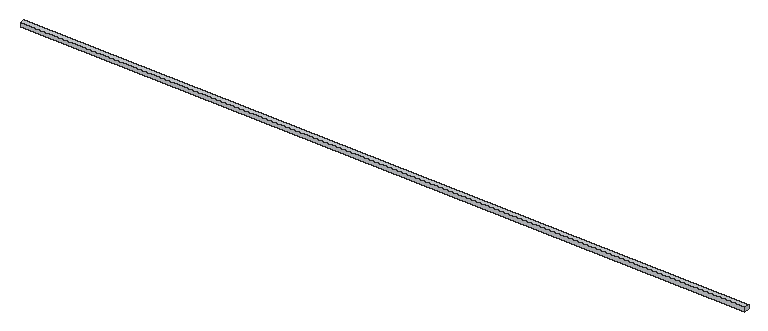
Revit family "NARROW 2216 IP 20_S242240.N.1", category Luminarias, Revit 2019
Family settings
  Cota de conector redondo = Diámetro de uso
  Tipo de pieza = Normal
  Se basa en plano de trabajo = Sí
  Siempre vertical = No
  Corte con vacíos al cargar = No
  Origen de luz = Sí
  Compartido = No
  Punto de cálculo de habitación = No
Parameters (values of type "NARROW 2216 IP 20_S242240.N.1")
  Tilt Angle = 60.00°
  Zone [instance] = ""
  Watt per fixture [instance] = (Longitud / 1000 mm) * (19.2)  # 19.2
  Wattage = 19.2 W
  built-in parameter 1150107 = 4000 (stored number, unit not read)
  built-in parameter 1150110 = 1 (stored number, unit not read)
  built-in parameter 1150109 = 1 (stored number, unit not read)
  built-in parameter 1150112 = 1 (stored number, unit not read)
  built-in parameter 1150113 = 1 (stored number, unit not read)
  built-in parameter 1114218 = 1 (stored number, unit not read)
  built-in parameter 1150142 = "IESNA:LM-63-1995\r\n[TEST]  \r\n[DATE] 2019/06/20\r\n[MANUFAC] BRILLANTE ILUMINACION\r\n[LUMCAT] \r\n[LUMINAIRE] S242240.N.1\r\n[LAMPCAT] \r\n[LAMP] NARROW 2216 IP20 4000°K\r\n[BALLASTCAT] \r\n[BALLAST] \r\n[OTHER]  \r\n[More] Temprature:25 Humidity:40\r\n[More] Frequency:DC Voltage:24.0 Current:0.8 Power:19.2 PF:0.000\r\nTILT=NONE\r\n1 1512.500 1.000 13 13 2 2 0.006 1.0 0.01\r\n1.0 1.0 19.2\r\n-90.0 -75.0 -60.0 -45.0 -30.0 -15.0 0.0 15.0 30.0 45.0 60.0 75.0 90.0\r\n-90.0 -75.0 -60.0 -45.0 -30.0 -15.0 0.0 15.0 30.0 45.0 60.0 75.0 90.0\r\n2.021 2.021 2.021 2.021 2.021 2.021 2.021 2.021 2.021 2.021 2.021 2.021 2.021\r\n2.855 17.574 40.580 65.070 85.927 99.276 103.551 98.179 83.966 63.056 38.808 15.703 1.791\r\n3.481 43.035 101.945 161.211 208.256 237.521 247.143 236.815 206.776 159.027 98.931 40.482 3.842\r\n3.777 71.603 166.579 252.293 316.746 355.740 367.872 352.789 310.757 243.290 155.143 61.008 4.639\r\n2.411 90.896 210.960 315.597 393.856 441.497 457.404 440.959 392.192 312.428 205.448 84.650 4.777\r\n2.330 110.397 245.739 360.314 444.607 495.431 511.197 491.982 437.420 348.854 230.184 93.683 4.028\r\n2.317 110.732 250.853 369.793 458.061 511.615 529.217 511.169 456.385 366.345 244.445 102.922 3.726\r\n2.359 111.374 246.669 361.067 445.268 495.860 511.461 492.165 437.646 349.131 230.695 94.294 3.734\r\n2.400 92.738 212.569 316.921 394.718 442.009 457.678 441.207 392.537 313.001 206.317 85.629 3.830\r\n3.155 73.820 168.796 254.058 317.978 356.447 368.227 353.103 311.343 244.181 156.594 62.471 3.082\r\n3.698 45.296 104.312 163.213 209.641 238.294 247.687 237.455 207.699 160.333 100.599 41.878 2.341\r\n3.781 20.775 43.911 67.902 88.247 101.317 105.436 100.163 86.048 65.045 40.744 17.989 1.724\r\n2.006 2.006 2.006 2.006 2.006 2.006 2.006 2.006 2.006 2.006 2.006 2.006 2.006\r\n"
  built-in parameter 1150137 = (empty or 0)
  built-in parameter 1150132 = (empty or 0)
  Modelo = "S242240.N.1"
  Lámpara = "2216 SMD"
  Longitud de línea de emisión = 600 mm
  Longitud [instance] = 1000 mm
  built-in parameter 1150105 = 599.24 (stored number, unit not read)
  built-in parameter 1150102 = (empty or 0)
  built-in parameter 1150106 = 5.9924 (stored number, unit not read)
  Lumens = 1670.4 lm
  Color Filter = 16777215
  built-in parameter 1114217 = 1 (stored number, unit not read)
  built-in parameter 1150139 = (empty or 0)
  Fabricante = "BRILLANT"
  Default Elevation = 0 mm
  built-in parameter 1150104 = 8.0826 (stored number, unit not read)
  Descripción = "TIRA LED NARROW 6MM DE ANCHO IP20 USO PARA INTERIORES, DE PCB BLANCO SIN RECUBRIMIENTO, MONO CROMATICA, CON UNA POTENCIA DE 19.2W/M DE UN TIPO DE LED 2216 SMD, IRC90, 240 LEDS POR METRO, PRESENTACION DE 5M, TEMPERATURA EN BLANCO FRIO 4000K, 1670 LUMENES POR METRO, EFICIENCIA DE 87 LM/W, CORTE A 2.5CM, ALIMENTADA A 24V, REQUIERE ACCESORIOS COMO FUENTE DE PODER Y CABLE DE ALIMENTACION. PERFIL EN CASO DE SER NECESARIO."
  built-in parameter 1150115 = 1 (stored number, unit not read)
  built-in parameter 1150114 = 1 (stored number, unit not read)
  Costo USD_S242240 [instance] = (Longitud / 1000 mm) * (16)  # 16
  Cost = 0
  Comentarios de vataje = "24V"
  built-in parameter 1150138 = (empty or 0)
  built-in parameter 1150134 = 12
  Circuit [instance] = ""
  Dimming Lamp Color Temperature Shift = (empty or 0)
  Archivo de red fotométrica = "S242240.N.1 IES.IES"
  Ancho = 6 mm
  built-in parameter 1150133 = 10 (stored number, unit not read)
Reference planes
  plane 1 "Centro (Frontal/Posterior)": y = 0
  plane 2: z = 0
  plane 3 "Centro (Izquierda/Derecha)": x = 0
  plane 4: x = 0
  plane 5: z = 12
  plane 6: x = -1000
  plane 7: y = 3
  plane 8: y = -3
Forms (mm)
  Extrusion 1, solid
    sketch origin (0, 0, 0) x (1, 0, 0) y (0, 1, 0)
      loop
        line (-1000, 3) -> (-1000, -3) -> (0, -3) -> (0, 3) -> (-1000, 3)
    from 0 to 6.038
Dimensions and locks
  "Longitud": plane 6 to plane 4
  equal spacing: plane 7, plane 1 "Centro (Frontal/Posterior)", plane 8
  plane 1 "Centro (Frontal/Posterior)" to plane 7 = 3 mm
  "Ancho": plane 7 to plane 8
  "Longitud": plane 6 to plane 3 "Centro (Izquierda/Derecha)"
  aligned and locked: level to plane 2
  aligned and locked: Extrusion 1 to plane 4
  aligned and locked: plane 6 to Extrusion 1
  aligned and locked: plane 3 "Centro (Izquierda/Derecha)" to Extrusion 1
  aligned and locked: Extrusion 1 to plane 7
  aligned and locked: Extrusion 1 to plane 8
Automatic sketch dimensions
  Extrusion 1 sketch curve to plane 6 = 0 mm
  Extrusion 1 sketch curve to plane 3 "Centro (Izquierda/Derecha)" = 0 mm
  plane 1 "Centro (Frontal/Posterior)" to Extrusion 1 sketch curve = 3 mm
  Extrusion 1 sketch curve to plane 1 "Centro (Frontal/Posterior)" = 3 mm
Connectors
  electrical at (0, 0, 3.019)
    settings: on Extrusion 1, index 1, voltage 24 V, apparent load 0 VA, apparent load phase1 0 VA, apparent load phase2 0 VA, apparent load phase3 0 VA, power factor 1, load classification "Otro", number of poles 1, system type 31, power factor state 1, is connector primary yes, connector utility no, sub classification motor no, connector description ""
